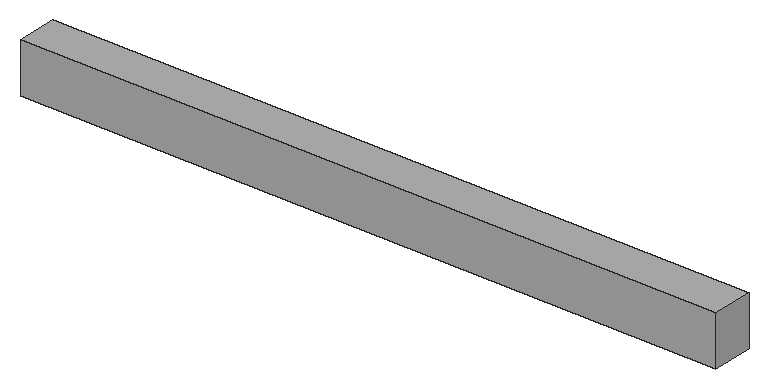
Revit family "IEK_Светильник_LED_1421-1425_Настенный_IP65_LOD2_R19", category Осветительные приборы, Revit 2019
Family settings
  Размер круглого соединителя = Использовать диаметр
  Тип детали = Нормальный
  На основе рабочей плоскости = Нет
  Всегда вертикально = Да
  При загрузке вырезать с полостями = Нет
  Источник света = Нет
  Общий = Нет
  Точка расчета площади = Нет
Parameters (values of type "ДСП_1425А_1200мм_40Вт_4800лм_4000К_Накладной_Серый_БАП")
  УГО_А_верт [instance] = no
  УГО_А_180гр [instance] = no
  УГО_А_-90гр [instance] = no
  УГО_А_+90гр [instance] = no
  Лампа = "Светодиод. источник света (LED)"
  Комментарии к мощности = "Нейтральный (холодно-белый) 3300-5300 К"
  Изготовитель = "IEK"  # constant formula
  URL = "https://www.iek.ru/"
  KSI_CPr_Строительные изделия = "ЭЛ 40 50 50 30"  # constant formula
  KSI_CMa_Строительные материалы = "ГОСТ Р ИСО 2507-2-2015"  # constant formula
  IEK_Частота = "50 Гц"
  IEK_Цветовая температура = "4000 К"
  IEK_Цвет = "Белый"
  IEK_УГО_Смещение по оси Y [instance] = 1000 mm
  IEK_УГО_Смещение по оси X [instance] = 1000 mm
  IEK_УГО_Рабочее освещение [instance] = yes
  IEK_УГО_Аварийное освещение [instance] = not(IEK_УГО_Рабочее освещение)  # no
  IEK_Тип лампы = "LED"  # constant formula
  IEK_Температура эксплуатации = "0…+40 °C"
  IEK_Степень защиты = "IP65"
  IEK_Срок службы = "100 000 часов"
  IEK_Серия = "ДСП 1425А"
  IEK_Световой поток = "4800 лм"
  IEK_Редактор = ""
  IEK_Разработчик = "Созутов ВД"  # constant formula
  IEK_Описание = "Светильники ДСП предназначены для общего и аварийно-эвакуационного освещения общественных, производственных и подсобных помещений с повышенным содержанием пыли и влаги (IP65).\r\nСветильники имеют универсальное подключение (постоянного и непостоянного действия - зависит от схемы).\r\nСоответствуют требованиям ГОСТ Р МЭК 60598-2-22 по аварийному освещению.\r\nКнопка «Тест» и световая индикация исправности и режима заряда на внешней стороне корпуса.\r\nВстроенная защита от глубокого перезаряда и разряда батареи.\r\nТранзитное подключение с суммарной нагрузкой до 2,2кВт.\r\nСистема «Быстрого подключения» проводов.\r\nНакладной/подвесной/настенный монтаж.\r\nМатовый рассеиватель для равномерного распределения светового потока.\r\nРавномерное свечение по всей площади рассеивателя в аварийном режиме."
  IEK_Монтажная температура = ""
  IEK_Конфигуратор = "http://www.iek.ru/products/light-calc/"
  IEK_Класс защиты = "II"
  IEK_Индекс цветопередачи = "80-89 (класс 1B)"
  IEK_Замена = "ЛСП"  # constant formula
  IEK_Гарантийный срок = "5 лет"
  IEK_Вид климатического исполнения = ""
  IEK_Блок аварийного питания = yes
  IEK_URL_Сертификат = "https://www.iek.ru/local/components/iek/prodcat.catalog.detail/download.php?hash=79cd18b33cbe4a24087f470fc1df325617fe9b7daee9f0c75fdc939d81732c69"
  IEK_URL_Паспорт изделия = "https://www.iek.ru/local/components/iek/prodcat.catalog.detail/download.php?hash=a6dc0bf8c5ff0207622fe399c80197d70f5e8e2aefcb5c2c202d446484b90a64"
  IEK_URL_Изображение = "https://www.iek.ru/upload/iek.prodcat/file/ed8218292483cf4d0ea053b909488776868d1f66dccc62640262c39a130ddc1f.png"
  IEK_URL_IES = "https://www.iek.ru/local/components/iek/prodcat.catalog.detail/download.php?hash=8fc9f072ae895f677ac81275908294ecb5021adc8cb661219cccb5f72ad4e5e8"
  IEK_URL = "https://www.iek.ru/products/catalog/svetotekhnika/promyshlennoe_osveshchenie/svetilniki_pylevlagozashchishchennye_dsp/svetilniki_dsp_pro_1421_1426/svetilnik_svetodiodnyy_dsp_1425a_40vt_1ch_4000k_ip65_1200mm_s_bap_iek"
  IEK_LOD = "LOD200"  # constant formula
  IEK_ID = "#100401070008"
  ADSK_Этаж [instance] = ""
  ADSK_Ток = ADSK_Номинальная мощность / (ADSK_Коэффициент мощности * ADSK_Напряжение * sqrt(ADSK_Количество фаз))  # 0.20202 A
  ADSK_Размер_Ширина = 86 mm
  ADSK_Размер_Длина = 1200 mm
  ADSK_Размер_Диаметр = 10 mm
  ADSK_Размер_Высота = 70 mm
  ADSK_Примечание [instance] = ""
  ADSK_Полная мощность = ADSK_Номинальная мощность / ADSK_Коэффициент мощности  # 44.4444 VA
  ADSK_Позиция [instance] = ""
  ADSK_Обозначение = ""
  ADSK_Номинальная мощность = 40 W
  ADSK_Напряжение = 220 V
  ADSK_Наименование краткое = "Светильник ДСП 1425А 40Вт IP65"
  ADSK_Наименование = "Светильник ДСП 1425А 40Вт 1ч 4000К IP65 1200мм с БАП IEK"
  ADSK_Материал обозначение = "Плафон - поликарбонат"
  ADSK_Материал наименование = "Корпус - поликарбонат"
  ADSK_Материал = Серый
  ADSK_Масса_Текст = "2,0 Кг"
  ADSK_Масса = 2
  ADSK_Марка = "ДСП 1425А"
  ADSK_Коэффициент мощности = 0.9
  ADSK_Количество фаз = 1
  ADSK_Код изделия = "LDSP6-1425A-1-40-4000-K01"
  ADSK_Классификация нагрузок = Освещение
  ADSK_Завод-изготовитель = "IEK"  # constant formula
  ADSK_Единица измерения = "шт"  # constant formula
  ADSK_Группирование = "Светильники, светоуказатели, световые табло"  # constant formula
  ADSK_Версия семейства = "1.0"  # constant formula
  ADSK_Версия Revit = "2019"  # constant formula
  ADSK_URL страницы изделия = "https://www.iek.ru/products/catalog/svetotekhnika/promyshlennoe_osveshchenie/svetilniki_pylevlagozashchishchennye_dsp/svetilniki_dsp_pro_1421_1426/svetilnik_svetodiodnyy_dsp_1425a_40vt_1ch_4000k_ip65_1200mm_s_bap_iek"
  ADSK_URL документации изделия = "https://www.iek.ru/local/components/iek/prodcat.catalog.detail/download.php?hash=a6dc0bf8c5ff0207622fe399c80197d70f5e8e2aefcb5c2c202d446484b90a64"
Types (9, lengths in mm): name | Комментарии к мощности | IEK_Цветовая температура | IEK_Температура эксплуатации | IEK_Серия | IEK_Световой поток | IEK_Описание | IEK_Вид климатического исполнения | IEK_Блок аварийного питания | IEK_URL_Сертификат | IEK_URL_Изображение | IEK_URL_IES | IEK_URL | IEK_ID | ADSK_Ток | ADSK_Размер_Длина | ADSK_Полная мощность | ADSK_Номинальная мощность | ADSK_Наименование краткое | ADSK_Наименование | ADSK_Материал | ADSK_Масса_Текст | ADSK_Масса | ADSK_Марка | ADSK_Код изделия | ADSK_URL страницы изделия
  (no name) | "Нейтральный (холодно-белый) 3300-5300 К" | "4000 К" | "0…+40 °C" | "ДСП 1425А" | "4800 лм" | "Светильники ДСП предназначены для общего и аварийно-эвакуационного освещения общественных, производственных и подсобных помещений с повышенным содержанием пыли и влаги (IP65).\r\nСветильники имеют универсальное подключение (постоянного и непостоянного действия - зависит от схемы).\r\nСоответствуют требованиям ГОСТ Р МЭК 60598-2-22 по аварийному освещению.\r\nКнопка «Тест» и световая индикация исправности и режима заряда на внешней стороне корпуса.\r\nВстроенная защита от глубокого перезаряда и разряда батареи.\r\nТранзитное подключение с суммарной нагрузкой до 2,2кВт.\r\nСистема «Быстрого подключения» проводов.\r\nНакладной/подвесной/настенный монтаж.\r\nМатовый рассеиватель для равномерного распределения светового потока.\r\nРавномерное свечение по всей площади рассеивателя в аварийном режиме." | "" | yes | "https://www.iek.ru/local/components/iek/prodcat.catalog.detail/download.php?hash=79cd18b33cbe4a24087f470fc1df325617fe9b7daee9f0c75fdc939d81732c69" | "https://www.iek.ru/upload/iek.prodcat/file/ed8218292483cf4d0ea053b909488776868d1f66dccc62640262c39a130ddc1f.png" | "https://www.iek.ru/local/components/iek/prodcat.catalog.detail/download.php?hash=8fc9f072ae895f677ac81275908294ecb5021adc8cb661219cccb5f72ad4e5e8" | "https://www.iek.ru/products/catalog/svetotekhnika/promyshlennoe_osveshchenie/svetilniki_pylevlagozashchishchennye_dsp/svetilniki_dsp_pro_1421_1426/svetilnik_svetodiodnyy_dsp_1425a_40vt_1ch_4000k_ip65_1200mm_s_bap_iek" | "#100401070008" | 0.20202 A | 1200 | 44.4444 VA | 40 W | "Светильник ДСП 1425А 40Вт IP65" | "Светильник ДСП 1425А 40Вт 1ч 4000К IP65 1200мм с БАП IEK" | Серый | "2,0 Кг" | 2 | "ДСП 1425А" | "LDSP6-1425A-1-40-4000-K01" | "https://www.iek.ru/products/catalog/svetotekhnika/promyshlennoe_osveshchenie/svetilniki_pylevlagozashchishchennye_dsp/svetilniki_dsp_pro_1421_1426/svetilnik_svetodiodnyy_dsp_1425a_40vt_1ch_4000k_ip65_1200mm_s_bap_iek"
  ДСП_1421_600мм_20Вт_2400лм_6500К_Накладной | "Холодный дневной >5300 К" | "6500 К" | "-25…+45 °C" | "ДСП 1421" | "2400 лм" | "Светильники ДСП предназначены для общего освещения общественных, производственных и подсобных помещений с повышенным содержанием пыли и влаги.\r\n\r\nЭффективная замена светильников ЛСП.\r\nПолная электромагнитная совместимость (ЕМС) и соответствие требованиям по пожаробезопасности\r\nНизкие расходы на эксплуатацию светильника.\r\nВысокая степень защиты и широкий диапазон рабочих температур.\r\nМатериал корпуса и плафона ударопрочный поликарбонат, устойчивость к механическому воздействию.\r\nВозможность соединения в линию (шлейфом): 20Вт - 30шт, 40Вт - 15шт, 50Вт - 12шт.\r\nСпособы монтажа: подвесной, потолочный, настенный." | "УХЛ3.1" | no | "https://www.iek.ru/local/components/iek/prodcat.catalog.detail/download.php?hash=f1d532f62cafee1766ce99aaf25372a7538271ed5e2b530e3e9ee5766da49f3e" | "https://www.iek.ru/upload/iek.prodcat/file/71c8bee3024d00f48550a43f6b410eaff197e08dcad60155ea241e95f6129248.png" | "https://www.iek.ru/local/components/iek/prodcat.catalog.detail/download.php?hash=fd94548c45cceb492b706c33e7cec9ee428fbb2f73cf4ed4d19f5c1e99dac830" | "https://www.iek.ru/products/catalog/svetotekhnika/promyshlennoe_osveshchenie/svetilniki_pylevlagozashchishchennye_dsp/svetilniki_dsp_pro_1421_1426/svetilnik_svetodiodnyy_dsp_1421_20vt_6500k_ip65_600mm_iek" | "#100401070001" | 0.10101 A | 600 | 22.2222 VA | 20 W | "Светильник ДСП 1421 20Вт IP65" | "Светильник ДСП 1421 20Вт 6500К IP65 600мм IEK" | Белый | "1,0 Кг" | 1 | "ДСП 1421" | "LDSP0-1421-20-6500-K01" | "https://www.iek.ru/products/catalog/svetotekhnika/promyshlennoe_osveshchenie/svetilniki_pylevlagozashchishchennye_dsp/svetilniki_dsp_pro_1421_1426/svetilnik_svetodiodnyy_dsp_1421_20vt_6500k_ip65_600mm_iek"
  ДСП_1422_1200мм_40Вт_4800лм_6500К_Накладной | "Холодный дневной >5300 К" | "6500 К" | "-25…+45 °C" | "ДСП 1422" | "4800 лм" | "Светильники ДСП предназначены для общего освещения общественных, производственных и подсобных помещений с повышенным содержанием пыли и влаги.\r\n\r\nЭффективная замена светильников ЛСП.\r\nПолная электромагнитная совместимость (ЕМС) и соответствие требованиям по пожаробезопасности\r\nНизкие расходы на эксплуатацию светильника.\r\nВысокая степень защиты и широкий диапазон рабочих температур.\r\nМатериал корпуса и плафона ударопрочный поликарбонат, устойчивость к механическому воздействию.\r\nВозможность соединения в линию (шлейфом): 20Вт - 30шт, 40Вт - 15шт, 50Вт - 12шт.\r\nСпособы монтажа: подвесной, потолочный, настенный." | "УХЛ3.1" | no | "https://www.iek.ru/local/components/iek/prodcat.catalog.detail/download.php?hash=f1d532f62cafee1766ce99aaf25372a7538271ed5e2b530e3e9ee5766da49f3e" | "https://www.iek.ru/upload/iek.prodcat/file/4bc655cc109b7c70c3dd81e8e5e403bc058645ec4b616208a44c6ba265b0755d.png" | "https://www.iek.ru/local/components/iek/prodcat.catalog.detail/download.php?hash=579730bc20cec147e1e88c6a8ac0e4e8a180ea05abf34e247a4a8a2b7efb7c3c" | "https://www.iek.ru/products/catalog/svetotekhnika/promyshlennoe_osveshchenie/svetilniki_pylevlagozashchishchennye_dsp/svetilniki_dsp_pro_1421_1426/svetilnik_svetodiodnyy_dsp_1422_40vt_6500k_ip65_1200mm_iek" | "#100401070002" | 0.20202 A | 1200 | 44.4444 VA | 40 W | "Светильник ДСП 1422 40Вт IP65" | "Светильник ДСП 1422 40Вт 6500К IP65 1200мм IEK" | Белый | "1,0 Кг" | 1 | "ДСП 1422" | "LDSP0-1422-40-6500-K01" | "https://www.iek.ru/products/catalog/svetotekhnika/promyshlennoe_osveshchenie/svetilniki_pylevlagozashchishchennye_dsp/svetilniki_dsp_pro_1421_1426/svetilnik_svetodiodnyy_dsp_1422_40vt_6500k_ip65_1200mm_iek"
  ДСП_1423_1500мм_50Вт_6000лм_6500К_Накладной | "Холодный дневной >5300 К" | "6500 К" | "-25…+45 °C" | "ДСП 1423" | "6000 лм" | "Светильники ДСП предназначены для общего освещения общественных, производственных и подсобных помещений с повышенным содержанием пыли и влаги.\r\n\r\nЭффективная замена светильников ЛСП.\r\nПолная электромагнитная совместимость (ЕМС) и соответствие требованиям по пожаробезопасности\r\nНизкие расходы на эксплуатацию светильника.\r\nВысокая степень защиты и широкий диапазон рабочих температур.\r\nМатериал корпуса и плафона ударопрочный поликарбонат, устойчивость к механическому воздействию.\r\nВозможность соединения в линию (шлейфом): 20Вт - 30шт, 40Вт - 15шт, 50Вт - 12шт.\r\nСпособы монтажа: подвесной, потолочный, настенный." | "УХЛ3.1" | no | "https://www.iek.ru/local/components/iek/prodcat.catalog.detail/download.php?hash=f1d532f62cafee1766ce99aaf25372a7538271ed5e2b530e3e9ee5766da49f3e" | "https://www.iek.ru/upload/iek.prodcat/file/15a1a6f96d352b1fa3470fabc49515e394167e7441fa5e658b3ac717121ab36d.png" | "https://www.iek.ru/local/components/iek/prodcat.catalog.detail/download.php?hash=1e00e1dcff506699308393c19476e1d01a11de32262a6ba67a3abb36350a399f" | "https://www.iek.ru/products/catalog/svetotekhnika/promyshlennoe_osveshchenie/svetilniki_pylevlagozashchishchennye_dsp/svetilniki_dsp_pro_1421_1426/svetilnik_svetodiodnyy_dsp_1423_50vt_6500k_ip65_1500mm_iek" | "#100401070003" | 0.252525 A | 1500 | 55.5556 VA | 50 W | "Светильник ДСП 1423 50Вт IP65" | "Светильник ДСП 1423 50Вт 6500К IP65 1500мм IEK" | Белый | "2,0 Кг" | 2 | "ДСП 1423" | "LDSP0-1423-50-6500-K01" | "https://www.iek.ru/products/catalog/svetotekhnika/promyshlennoe_osveshchenie/svetilniki_pylevlagozashchishchennye_dsp/svetilniki_dsp_pro_1421_1426/svetilnik_svetodiodnyy_dsp_1423_50vt_6500k_ip65_1500mm_iek"
  ДСП_1424_600мм_20Вт_2400лм_4000К_Накладной | "Нейтральный (холодно-белый) 3300-5300 К" | "4000 К" | "-25…+45 °C" | "ДСП 1424" | "2400 лм" | "Светильники ДСП предназначены для общего освещения общественных, производственных и подсобных помещений с повышенным содержанием пыли и влаги.\r\nВысокая светоотдача 120 лм/Вт.\r\nПульсация светового потока менее 5%.\r\nИндекс цветопередачи Ra>80.\r\nПолная электромагнитная совместимость (ЕМС).\r\nМатериал корпуса и плафона ударопрочный поликарбонат, устойчивость к механическому воздействию.\r\nПолное соответствие требованиям по пожаробезопасности.\r\nЭффективная замена светильников ЛСП.\r\nНизкие расходы на эксплуатацию светильника.\r\nВысокая степень защиты IP65 и широкий диапазон рабочих температур.\r\nСпособы монтажа: подвесной, потолочный, настенный.\r\nВозможность соединения в линию (шлейфом): 20Вт-30шт, 40Вт-15шт, 50Вт-12шт." | "УХЛ3.1" | no | "https://www.iek.ru/local/components/iek/prodcat.catalog.detail/download.php?hash=f1d532f62cafee1766ce99aaf25372a7538271ed5e2b530e3e9ee5766da49f3e" | "https://www.iek.ru/upload/iek.prodcat/file/71c8bee3024d00f48550a43f6b410eaff197e08dcad60155ea241e95f6129248.png" | "https://www.iek.ru/local/components/iek/prodcat.catalog.detail/download.php?hash=eb828ad6bc4d6730b0576b3ffc8480cb5510fbc314cc564148eefab73e11ff7c" | "https://www.iek.ru/products/catalog/svetotekhnika/promyshlennoe_osveshchenie/svetilniki_pylevlagozashchishchennye_dsp/svetilniki_dsp_pro_1421_1426/svetilnik_svetodiodnyy_dsp_1424_20vt_4000k_ip65_600mm_iek" | "#100401070004" | 0.10101 A | 600 | 22.2222 VA | 20 W | "Светильник ДСП 1424 20Вт IP65" | "Светильник ДСП 1424 20Вт 4000К IP65 600мм IEK" | Белый | "1,0 Кг" | 1 | "ДСП 1424" | "LDSP0-1424-20-4000-K01" | "https://www.iek.ru/products/catalog/svetotekhnika/promyshlennoe_osveshchenie/svetilniki_pylevlagozashchishchennye_dsp/svetilniki_dsp_pro_1421_1426/svetilnik_svetodiodnyy_dsp_1424_20vt_4000k_ip65_600mm_iek"
  ДСП_1425_1200мм_40Вт_4800лм_4000К_Накладной | "Нейтральный (холодно-белый) 3300-5300 К" | "4000 К" | "-25…+45 °C" | "ДСП 1425" | "4800 лм" | "Светильники ДСП предназначены для общего освещения общественных, производственных и подсобных помещений с повышенным содержанием пыли и влаги.\r\nВысокая светоотдача 120 лм/Вт.\r\nПульсация светового потока менее 5%.\r\nИндекс цветопередачи Ra>80.\r\nПолная электромагнитная совместимость (ЕМС).\r\nМатериал корпуса и плафона ударопрочный поликарбонат, устойчивость к механическому воздействию.\r\nПолное соответствие требованиям по пожаробезопасности.\r\nЭффективная замена светильников ЛСП.\r\nНизкие расходы на эксплуатацию светильника.\r\nВысокая степень защиты IP65 и широкий диапазон рабочих температур.\r\nСпособы монтажа: подвесной, потолочный, настенный.\r\nВозможность соединения в линию (шлейфом): 20Вт-30шт, 40Вт-15шт, 50Вт-12шт." | "УХЛ3.1" | no | "https://www.iek.ru/local/components/iek/prodcat.catalog.detail/download.php?hash=f1d532f62cafee1766ce99aaf25372a7538271ed5e2b530e3e9ee5766da49f3e" | "https://www.iek.ru/upload/iek.prodcat/file/4bc655cc109b7c70c3dd81e8e5e403bc058645ec4b616208a44c6ba265b0755d.png" | "https://www.iek.ru/local/components/iek/prodcat.catalog.detail/download.php?hash=f075021dc0c88cbc2b4b525b94c2a13c825266986f6f583e23b2ae4236fdbb46" | "https://www.iek.ru/products/catalog/svetotekhnika/promyshlennoe_osveshchenie/svetilniki_pylevlagozashchishchennye_dsp/svetilniki_dsp_pro_1421_1426/svetilnik_svetodiodnyy_dsp_1425_40vt_4000k_ip65_1200mm_iek" | "#100401070005" | 0.20202 A | 1200 | 44.4444 VA | 40 W | "Светильник ДСП 1425 40Вт IP65" | "Светильник ДСП 1425 40Вт 4000К IP65 1200мм IEK" | Белый | "1,0 Кг" | 1 | "ДСП 1425" | "LDSP0-1425-40-4000-K01" | "https://www.iek.ru/products/catalog/svetotekhnika/promyshlennoe_osveshchenie/svetilniki_pylevlagozashchishchennye_dsp/svetilniki_dsp_pro_1421_1426/svetilnik_svetodiodnyy_dsp_1425_40vt_4000k_ip65_1200mm_iek"
  ДСП_1426_1500мм_50Вт_6000лм_4000К_Накладной | "Нейтральный (холодно-белый) 3300-5300 К" | "4000 К" | "-25…+45 °C" | "ДСП 1426" | "6000 лм" | "Светильники ДСП предназначены для общего освещения общественных, производственных и подсобных помещений с повышенным содержанием пыли и влаги.\r\nВысокая светоотдача 120 лм/Вт.\r\nПульсация светового потока менее 5%.\r\nИндекс цветопередачи Ra>80.\r\nПолная электромагнитная совместимость (ЕМС).\r\nМатериал корпуса и плафона ударопрочный поликарбонат, устойчивость к механическому воздействию.\r\nПолное соответствие требованиям по пожаробезопасности.\r\nЭффективная замена светильников ЛСП.\r\nНизкие расходы на эксплуатацию светильника.\r\nВысокая степень защиты IP65 и широкий диапазон рабочих температур.\r\nСпособы монтажа: подвесной, потолочный, настенный.\r\nВозможность соединения в линию (шлейфом): 20Вт-30шт, 40Вт-15шт, 50Вт-12шт." | "УХЛ3.1" | no | "https://www.iek.ru/local/components/iek/prodcat.catalog.detail/download.php?hash=f1d532f62cafee1766ce99aaf25372a7538271ed5e2b530e3e9ee5766da49f3e" | "https://www.iek.ru/upload/iek.prodcat/file/15a1a6f96d352b1fa3470fabc49515e394167e7441fa5e658b3ac717121ab36d.png" | "https://www.iek.ru/local/components/iek/prodcat.catalog.detail/download.php?hash=281eb2701ac6b97c6fdde5a75593951fb0e3688e04035c1dec8ba71cd1f0f071" | "https://www.iek.ru/products/catalog/svetotekhnika/promyshlennoe_osveshchenie/svetilniki_pylevlagozashchishchennye_dsp/svetilniki_dsp_pro_1421_1426/svetilnik_svetodiodnyy_dsp_1426_50vt_4000k_ip65_1500mm_iek" | "#100401070006" | 0.252525 A | 1500 | 55.5556 VA | 50 W | "Светильник ДСП 1426 50Вт IP65" | "Светильник ДСП 1426 50Вт 4000К IP65 1500мм IEK" | Белый | "2,0 Кг" | 2 | "ДСП 1426" | "LDSP0-1426-50-4000-K01" | "https://www.iek.ru/products/catalog/svetotekhnika/promyshlennoe_osveshchenie/svetilniki_pylevlagozashchishchennye_dsp/svetilniki_dsp_pro_1421_1426/svetilnik_svetodiodnyy_dsp_1426_50vt_4000k_ip65_1500mm_iek"
  ДСП_1422А_1200мм_40Вт_4800лм_6500К_Накладной_Серый_БАП | "Холодный дневной >5300 К" | "6500 К" | "0…+40 °C" | "ДСП 1422А" | "4800 лм" | "Светильники ДСП предназначены для общего и аварийно-эвакуационного освещения общественных, производственных и подсобных помещений с повышенным содержанием пыли и влаги (IP65).\r\nСветильники имеют универсальное подключение (постоянного и непостоянного действия - зависит от схемы).\r\nСоответствуют требованиям ГОСТ Р МЭК 60598-2-22 по аварийному освещению.\r\nКнопка «Тест» и световая индикация исправности и режима заряда на внешней стороне корпуса.\r\nВстроенная защита от глубокого перезаряда и разряда батареи.\r\nТранзитное подключение с суммарной нагрузкой до 2,2кВт.\r\nСистема «Быстрого подключения» проводов.\r\nНакладной/подвесной/настенный монтаж.\r\nМатовый рассеиватель для равномерного распределения светового потока.\r\nРавномерное свечение по всей площади рассеивателя в аварийном режиме." | "" | yes | "https://www.iek.ru/local/components/iek/prodcat.catalog.detail/download.php?hash=79cd18b33cbe4a24087f470fc1df325617fe9b7daee9f0c75fdc939d81732c69" | "https://www.iek.ru/upload/iek.prodcat/file/ed8218292483cf4d0ea053b909488776868d1f66dccc62640262c39a130ddc1f.png" | "https://www.iek.ru/local/components/iek/prodcat.catalog.detail/download.php?hash=6a9a8af9c8bc78da691b1787368fc3dd98874f3f75c14055be655425f1e72d4d" | "https://www.iek.ru/products/catalog/svetotekhnika/promyshlennoe_osveshchenie/svetilniki_pylevlagozashchishchennye_dsp/svetilniki_dsp_pro_1421_1426/svetilnik_svetodiodnyy_dsp_1422a_40vt_1ch_6500k_ip65_1200mm_s_bap_iek" | "#100401070007" | 0.20202 A | 1200 | 44.4444 VA | 40 W | "Светильник ДСП 1422А 40Вт IP65" | "Светильник ДСП 1422А 40Вт 1ч 6500К IP65 1200мм с БАП IEK" | Серый | "2,0 Кг" | 2 | "ДСП 1422А" | "LDSP6-1422A-1-40-6500-K01" | "https://www.iek.ru/products/catalog/svetotekhnika/promyshlennoe_osveshchenie/svetilniki_pylevlagozashchishchennye_dsp/svetilniki_dsp_pro_1421_1426/svetilnik_svetodiodnyy_dsp_1422a_40vt_1ch_6500k_ip65_1200mm_s_bap_iek"
  ДСП_1425А_1200мм_40Вт_4800лм_4000К_Накладной_Серый_БАП | "Нейтральный (холодно-белый) 3300-5300 К" | "4000 К" | "0…+40 °C" | "ДСП 1425А" | "4800 лм" | "Светильники ДСП предназначены для общего и аварийно-эвакуационного освещения общественных, производственных и подсобных помещений с повышенным содержанием пыли и влаги (IP65).\r\nСветильники имеют универсальное подключение (постоянного и непостоянного действия - зависит от схемы).\r\nСоответствуют требованиям ГОСТ Р МЭК 60598-2-22 по аварийному освещению.\r\nКнопка «Тест» и световая индикация исправности и режима заряда на внешней стороне корпуса.\r\nВстроенная защита от глубокого перезаряда и разряда батареи.\r\nТранзитное подключение с суммарной нагрузкой до 2,2кВт.\r\nСистема «Быстрого подключения» проводов.\r\nНакладной/подвесной/настенный монтаж.\r\nМатовый рассеиватель для равномерного распределения светового потока.\r\nРавномерное свечение по всей площади рассеивателя в аварийном режиме." | "" | yes | "https://www.iek.ru/local/components/iek/prodcat.catalog.detail/download.php?hash=79cd18b33cbe4a24087f470fc1df325617fe9b7daee9f0c75fdc939d81732c69" | "https://www.iek.ru/upload/iek.prodcat/file/ed8218292483cf4d0ea053b909488776868d1f66dccc62640262c39a130ddc1f.png" | "https://www.iek.ru/local/components/iek/prodcat.catalog.detail/download.php?hash=8fc9f072ae895f677ac81275908294ecb5021adc8cb661219cccb5f72ad4e5e8" | "https://www.iek.ru/products/catalog/svetotekhnika/promyshlennoe_osveshchenie/svetilniki_pylevlagozashchishchennye_dsp/svetilniki_dsp_pro_1421_1426/svetilnik_svetodiodnyy_dsp_1425a_40vt_1ch_4000k_ip65_1200mm_s_bap_iek" | "#100401070008" | 0.20202 A | 1200 | 44.4444 VA | 40 W | "Светильник ДСП 1425А 40Вт IP65" | "Светильник ДСП 1425А 40Вт 1ч 4000К IP65 1200мм с БАП IEK" | Серый | "2,0 Кг" | 2 | "ДСП 1425А" | "LDSP6-1425A-1-40-4000-K01" | "https://www.iek.ru/products/catalog/svetotekhnika/promyshlennoe_osveshchenie/svetilniki_pylevlagozashchishchennye_dsp/svetilniki_dsp_pro_1421_1426/svetilnik_svetodiodnyy_dsp_1425a_40vt_1ch_4000k_ip65_1200mm_s_bap_iek"
Reference planes
  plane 1 "По центру (Вперед/Назад)": y = 0
  plane 2: z = 0
  plane 3 "По центру (Влево/Вправо)": x = 0
  plane 4: y = -1000
  plane 5: x = -1000
  plane 6: y = -70
  plane 7 "1": x = 600
  plane 8 "2": x = -600
  plane 9 "3": z = 86
Forms (mm)
  Extrusion 1, solid, material "Серый" <- "ADSK_Материал", detail levels medium+fine
    sketch origin (0, 0, 0) x (1, 0, 0) y (0, 1, 0)
      loop
        line (-600, 0) -> (-600, -70) -> (600, -70) -> (600, 0) -> (-600, 0)
    from 0 to 86
Lines and regions (mm)
  Masking region 1, detail levels medium
    outline origin (69.792, 0, 20.059) x (1, 0, 0) y (0, 0, 1)
      loop
        line (-76.973, 12.797) -> (-76.973, 7.102) -> (-74.352, 7.102) -> (-74.352, 12.797) -> (-76.973, 12.797)
      loop
        line (-76.973, 15.902) -> (-76.973, 13.467) -> (-74.352, 13.467) -> (-74.352, 15.902) -> (-76.973, 15.902)
      loop
        line (-73.708, 15.902) -> (-73.708, 13.467) -> (-68.012, 13.467) -> (-68.012, 15.902) -> (-73.708, 15.902)
      loop
        line (-68.012, 12.797) -> (-73.708, 12.797) -> (-73.708, 7.102) -> (-68.012, 7.102) -> (-68.012, 9.598) -> (-71.239, 9.598) -> (-71.239, 10.38) -> (-68.012, 10.38) -> (-68.012, 12.797)
      loop
        line (-67.482, 15.902) -> (-67.482, 7.102) -> (-64.907, 7.102) -> (-64.907, 10.265) -> (-64.068, 10.265) -> (-61.934, 7.102) -> (-58.956, 7.102) -> (-62.028, 11.657) -> (-58.831, 16.223) -> (-61.579, 16.223) -> (-64.068, 12.797) -> (-64.907, 12.797) -> (-64.907, 15.902) -> (-67.482, 15.902)
  reference lines
    curve 1: line (-20, 0, 0) -> (20, 0, 0)
    curve 2: line (0, 0, 0) -> (0, -10, 0)
  reference lines, not visible
    curve 3: line (6.351, 13.986, 0) -> (46.351, 13.986, 0)
    curve 4: line (26.351, 13.986, 0) -> (26.351, 3.986, 0)
Text (mm)
  text "sozutov" at (248.788, 0, 22.516), in view "Спереди"
Dimensions and locks
  "IEK_УГО_Смещение по оси X": plane 5 to plane 3 "По центру (Влево/Вправо)"
  "IEK_УГО_Смещение по оси Y": plane 4 to plane 1 "По центру (Вперед/Назад)"
  locked: plane 5 to curve 2 at 1000
  locked: plane 4 to curve 1 at 1000
  "ADSK_Размер_Высота": plane 1 "По центру (Вперед/Назад)" to plane 6
  equal spacing: plane 8 "2", plane 3 "По центру (Влево/Вправо)", plane 7 "1"
  "ADSK_Размер_Длина": plane 8 "2" to plane 7 "1"
  "ADSK_Размер_Ширина": plane 9 "3" to plane 2
  aligned and locked: level to plane 2
  aligned and locked: plane 3 "По центру (Влево/Вправо)" to nested 1
  aligned and locked: plane 1 "По центру (Вперед/Назад)" to Extrusion 1 sketch curve
  aligned and locked: Extrusion 1 sketch curve to plane 8 "2"
  aligned and locked: Extrusion 1 sketch curve to plane 6
  aligned and locked: Extrusion 1 sketch curve to plane 7 "1"
  aligned and locked: Extrusion 1 to plane 9 "3"
Automatic sketch dimensions
  level to Masking region 1 sketch curve = 32.857 mm  (x2)
  Masking region 1 sketch curve to plane 3 "По центру (Влево/Вправо)" = 7.182 mm
  Masking region 1 sketch curve to Masking region 1 sketch curve = 0 mm  (x8)
  Masking region 1 sketch curve to Masking region 1 sketch curve = 2.621 mm  (x2)
  Masking region 1 sketch curve to Masking region 1 sketch curve = 0.644 mm  (x2)
  Masking region 1 sketch curve to Masking region 1 sketch curve = 2.469 mm
  Masking region 1 sketch curve to Masking region 1 sketch curve = 3.227 mm
  Masking region 1 sketch curve to Masking region 1 sketch curve = 0.53 mm
  Masking region 1 sketch curve to Masking region 1 sketch curve = 2.575 mm
  Masking region 1 sketch curve to Masking region 1 sketch curve = 0.839 mm  (x2)
  level to Masking region 1 sketch curve = 31.716 mm
  Masking region 1 sketch curve to Masking region 1 sketch curve = 2.04 mm
  level to Masking region 1 sketch curve = 36.283 mm
  Masking region 1 sketch curve to Masking region 1 sketch curve = 3.328 mm
  Masking region 1 sketch curve to Masking region 1 sketch curve = 2.748 mm
  Masking region 1 sketch curve to Masking region 1 sketch curve = 2.418 mm
  Masking region 1 sketch curve to Masking region 1 sketch curve = 1.392 mm
  Masking region 1 sketch curve to Masking region 1 sketch curve = 0.782 mm
  Masking region 1 sketch curve to Masking region 1 sketch curve = 2.496 mm
  Masking region 1 sketch curve to Masking region 1 sketch curve = 0.669 mm  (x2)
  Masking region 1 sketch curve to Masking region 1 sketch curve = 2.435 mm  (x2)
  Masking region 1 sketch curve to Masking region 1 sketch curve = 2.972 mm
  level to Masking region 1 sketch curve = 27.161 mm
  Masking region 1 sketch curve to Masking region 1 sketch curve = 2.978 mm
  curve 1 to curve 2 = 20 mm
  curve 2 to curve 1 = 20 mm
  curve 2 to curve 2 = 10 mm
  curve 3 to curve 4 = 20 mm
  curve 4 to curve 3 = 20 mm
  curve 4 to curve 4 = 10 mm
Nested families
  nested 1: "IEK_УГО светильник прямоугольный_LED" at (0, -12.5, 0), type "Стандарт", detail levels coarse+medium
  nested 2: "IEK_УГО светильник прямоугольный_LED" at (26.351, 1.486, 0), type "Стандарт", not visible, detail levels coarse+medium
Connectors
  electrical at (0, 0, 43), driven by "ADSK_Классификация нагрузок", driven by "ADSK_Напряжение", driven by "ADSK_Полная мощность", driven by "ADSK_Коэффициент мощности"
    settings: on Extrusion 1, index 1, voltage 220 V, apparent load 0 VA, apparent load phase1 44.4444 VA, apparent load phase2 0 VA, apparent load phase3 0 VA, power factor 0.9, load classification "Освещение", number of poles 1, system type 31, power factor state 1, is connector primary yes, connector utility no, sub classification motor no, connector description ""
  cabletrayconduit at (-600, -54.026, 50), diameter 10, driven by "ADSK_Размер_Диаметр"
    settings: on Extrusion 1, index 2, connector width 300 mm, connector height 300 mm, connector angle 0.00°, system type 32, placement type 0, profile type 0, connector reference index 3, is primary connector yes, connector utility param no, connector description ""
  cabletrayconduit at (600, -18, 50), diameter 10, driven by "ADSK_Размер_Диаметр"
    settings: on Extrusion 1, index 3, connector width 300 mm, connector height 300 mm, connector angle 0.00°, system type 32, placement type 0, profile type 0, connector reference index 2, is primary connector no, connector utility param no, connector description ""
Definition of nested family "IEK_УГО светильник прямоугольный_LED"
  Parameters (values of type "Стандарт")
    Рабочая линия = no
    Аварийная линия = yes
    (А) -90гр = no
    (А) - Верт = yes
    (А) - 180гр = no
    (А) +90гр = no
  Reference planes
    plane 1: y = 0
    plane 2: x = 0
  Lines and regions (mm)
    detail lines, visible <- "(А) - Верт"
      curve 1: line (-0.742, -1.009, 0) -> (0, 1.031, 0)
      curve 2: line (0, 1.031, 0) -> (0.75, -1.031, 0)
      curve 3: line (-0.568, -0.53, 0) -> (0.568, -0.53, 0)
    detail lines, visible <- "(А) - 180гр"
      curve 4: line (0.742, 1.009, 0) -> (0, -1.031, 0)
      curve 5: line (0, -1.031, 0) -> (-0.75, 1.031, 0)
      curve 6: line (0.568, 0.53, 0) -> (-0.568, 0.53, 0)
    detail lines, visible <- "(А) -90гр"
      curve 7: line (0.893, -0.746, 0) -> (-1.147, -0.004, 0)
      curve 8: line (-1.147, -0.004, 0) -> (0.914, 0.746, 0)
      curve 9: line (0.414, -0.572, 0) -> (0.414, 0.564, 0)
    detail lines, visible <- "(А) +90гр"
      curve 10: line (-0.872, 0.746, 0) -> (1.167, 0.004, 0)
      curve 11: line (1.167, 0.004, 0) -> (-0.894, -0.746, 0)
      curve 12: line (-0.394, 0.572, 0) -> (-0.394, -0.564, 0)
    detail lines, visible <- "Рабочая линия"
      curve 13: line (-5, 1.25, 0) -> (5, 1.25, 0)
      curve 14: line (5, 1.25, 0) -> (5, -1.25, 0)
      curve 15: line (5, -1.25, 0) -> (-5, -1.25, 0)
      curve 16: line (-5, -1.25, 0) -> (-5, 1.25, 0)
      curve 17: line (-3.5, -1.25, 0) -> (-3.5, 1.25, 0)
      curve 18: line (3.5, 1.25, 0) -> (3.5, -1.25, 0)
    detail lines, visible <- "Аварийная линия"
      curve 19: line (-5, 1.25, 0) -> (5, 1.25, 0)
      curve 20: line (5, 1.25, 0) -> (5, -1.25, 0)
      curve 21: line (5, -1.25, 0) -> (-5, -1.25, 0)
      curve 22: line (-5, -1.25, 0) -> (-5, 1.25, 0)
      curve 23: line (-3.5, -1.25, 0) -> (-3.5, 1.25, 0)
      curve 24: line (3.5, 1.25, 0) -> (3.5, -1.25, 0)
